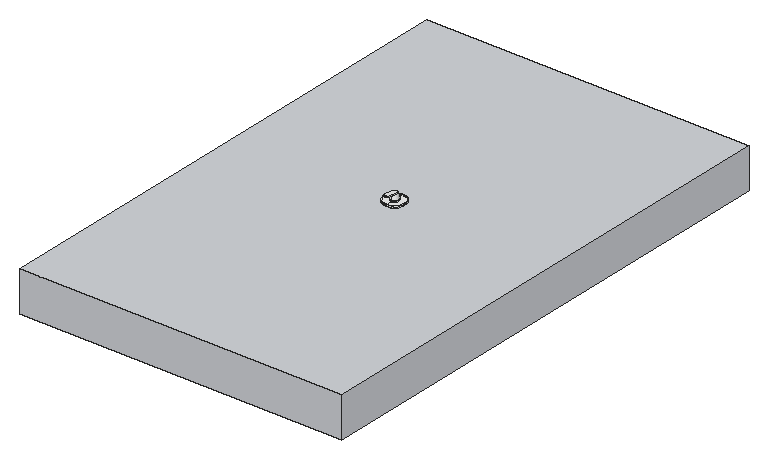
Revit family "Valve_Trim-Pressure_Balance-Grohe-Eurosmart_Cosmopolitan-14463000", category Plumbing Fixtures, host Face, Revit 2019
Family settings
  Host = Face
  Round Connector Dimension = Use Diameter
  Part Type = Normal
  OmniClass Number = 23.45.05.14.17
  OmniClass Title = Showers
  Cut with Voids When Loaded = No
  Shared = Yes
  Room Calculation Point = No
Parameters (values of type "14463000")
  Width = if([Handle Width (2-15/16" to 3-3/4")] < 2 15/16", 2 15/16", if([Handle Width (2-15/16" to 3-3/4")] > 3 3/4", 3 3/4", [Handle Width (2-15/16" to 3-3/4")]))  # 2 15/16"
  Waste Connection = no
  WFU = 4  # constant formula
  Vent Connection = no
  URL = "https://www.grohe.us/"
  Type Comments = ""
  Revised Date = "05/13/2021"
  Product Page URL = "https://www.grohe.us/Bath-Shower-Trim-Kits/Pressure-Balance-Valve-Trim-with-Cartridge/GROHE-CHROME-14463000"
  Product Documentation Link = "https://americanstandard.box.com/shared/static/oi8a940kyu2hvkthy3enjbxxuukts6zt.pdf"
  Price = "Prices may vary. Please consult Manufacturer Representative for most up-to-date price list."  # constant formula
  Model = "14463000"
  Material = "Metal-Grohe-000-Starlight Chrome"
  Manufacturer = "Grohe"
  Length = 6 5/16"
  Installation Type = "Wall Mounted"
  Height = 6 13/16"
  Handle Width (2-15/16" to 3-3/4") = 2 15/16"
  HWFU = 3  # constant formula
  HW Connection = no
  Flow Rate = "5.2 gpm (bottom) and 3.0 gpm (top port) at 45 psi (19 L/min)"  # constant formula
  Finish = Metal-Grohe-000-Starlight Chrome
  Description = "Eurosmart Cosmopolitan Pressure Balance Valve Trim with Cartridge"  # constant formula
  Default Elevation = 44"  # constant formula
  Creation Date = "03/11/2020"  # constant formula
  CWFU = 3  # constant formula
  CW Connection = no
  Assembly Code = "D2010710"
  ADA Compliant = yes
Reference planes (in)
  plane 1 "Center (Front/Back)": y = 0
  plane 2: z = 0
  plane 3 "Center (Left/Right)": x = 0
  plane 4: x = -1.21875
  plane 5: x = 1.21875
  plane 6: x = -3.15625
  plane 7: x = 3.15625
  plane 8: y = 3.15625
  plane 9: y = -3.65625
  plane 10: y = 1.09375
  plane 11: z = 0.375
  plane 12: z = 2.9375
Forms (in)
  Extrusion 1, solid
    sketch origin (0, 0, 0) x (1, 0, 0) y (0, 1, 0)
      loop
        line (-48, 72) -> (-48, -79.70833) -> (48, -79.70833) -> (48, 72) -> (-48, 72)
    from 0 to -12
  Revolve 2, solid, material "Metal-Grohe-000-Starlight Chrome" <- "Finish"
    sketch origin (0, 0, 0.41262) x (0, 1, 0) y (0, 0, 1)
      loop
        line (1.09375, -0.03762) -> (1.09375, 0.25973)
        arc (1.09375, 0.25973) -> (1.064, 0.33155) -> (0.99219, 0.3613) r 0.10156
        line (0.99219, 0.3613) -> (0.99219, 0.44538) -> (1.09375, 0.44538) -> (0.65174, 2.52488) -> (0, 2.52488) -> (0, -0.41262) -> (3.15625, -0.41262) -> (3.15625, -0.10012)
        arc (3.15625, -0.10012) -> (3.13794, -0.05593) -> (3.09375, -0.03762) r 0.0625
        line (3.09375, -0.03762) -> (1.09375, -0.03762)
      axis (0, 2.52488) -> (0, -0.41262)
    angle from 0 to 360
  Extrusion 3, solid, material "Metal-Grohe-000-Starlight Chrome" <- "Finish"
    sketch origin (0, 0, -0.43761) x (1, 0, 0) y (0, 1, 0)
      loop
        line (-0.76608, 0) -> (-0.76608, -2.89017)
        arc (-0.76608, -2.89017) -> (0, -3.65625) -> (0.76608, -2.89017) r 0.76608
        line (0.76608, -2.89017) -> (0.76608, 0)
        arc (0.76608, 0) -> (0, 0.76608) -> (-0.76608, 0) r 0.76608
    from 2.17569 to 3.37511
  Extrusion 4, void
    sketch origin (0, 0.05449, -1.20958) x (0, 1, 0) y (0, 0, 1)
      loop
        line (-3.71074, 4.14708) -> (1.03926, 3.5113) -> (1.03926, 4.89708) -> (-3.71074, 4.89708) -> (-3.71074, 4.14708)
    from -3.15625 to 3.15625
  Extrusion 5, void
    sketch origin (0, -0.19275, -1.15342) x (0, 1, 0) y (0, 0, 1)
      loop
        line (0.19275, 3.43057) -> (-3.4635, 3.94442) -> (-3.4635, 2.89151) -> (0.19275, 2.89151) -> (0.19275, 3.43057)
    from -3.15625 to 3.15625
Cuts and joins
  Extrusion 4 cuts Revolve 2
  Extrusion 4, Extrusion 5 cuts Extrusion 3
  joined: Revolve 2, Extrusion 3
Lines and regions (in)
  Masking region 1
    outline origin (0, 0, 0) x (1, 0, 0) y (0, 0, 1)
      loop
        line (3.15625, 0) -> (3.15625, 0.3125)
        arc (3.15625, 0.3125) -> (3.13794, 0.35669) -> (3.09375, 0.375) r 0.0625
        line (3.09375, 0.375) -> (1.09375, 0.375) -> (1.09375, 0.67236)
        arc (1.09375, 0.67236) -> (1.064, 0.74417) -> (0.99219, 0.77392) r 0.10156
        line (0.99219, 0.77392) -> (0.99219, 0.85801) -> (1.09375, 0.85801) -> (0.76608, 2.39956) -> (0.76572, 2.83496)
        spline (0.76572, 2.83496) -> (0.75962, 2.84829) -> (0.74047, 2.8614) -> (0.70858, 2.87407) -> (0.66451, 2.88607) -> (0.609, 2.89721) -> (0.543, 2.90729) -> (0.46765, 2.91615) -> (0.38424, 2.92362) -> (0.29418, 2.92959) -> (0.19903, 2.93394) -> (0.10041, 2.93661) -> (0, 2.93755)
        spline (0, 2.93755) -> (-0.10041, 2.93661) -> (-0.19903, 2.93394) -> (-0.29418, 2.92959) -> (-0.38424, 2.92362) -> (-0.46765, 2.91615) -> (-0.543, 2.90729) -> (-0.609, 2.89721) -> (-0.66451, 2.88607) -> (-0.70858, 2.87407) -> (-0.74047, 2.8614) -> (-0.75962, 2.84829) -> (-0.76608, 2.83496)
        line (-0.76608, 2.83496) -> (-0.76608, 2.39956) -> (-1.09375, 0.85801) -> (-0.99219, 0.85801) -> (-0.99219, 0.77392)
        arc (-0.99219, 0.77392) -> (-1.064, 0.74417) -> (-1.09375, 0.67236) r 0.10156
        line (-1.09375, 0.67236) -> (-1.09375, 0.375) -> (-3.09375, 0.375)
        arc (-3.09375, 0.375) -> (-3.13794, 0.35669) -> (-3.15625, 0.3125) r 0.0625
        line (-3.15625, 0.3125) -> (-3.15625, 0) -> (3.15625, 0)
  symbolic lines, detail levels medium+fine
    curve 1: line (1.09375, 0, 0.375) -> (-1.09375, 0, 0.375)
    curve 2: line (0.99219, 0, 0.77392) -> (-0.99219, 0, 0.77392)
    curve 3: line (0.99219, 0, 0.85801) -> (-0.99219, 0, 0.85801)
  symbolic lines, detail levels fine
    curve 4: line (0.67463, 0, 2.39956) -> (0.76608, 0, 2.39956)
    curve 5: line (-0.76608, 0, 2.39956) -> (-0.67463, 0, 2.39956)
    curve 6: spline (-0.67463, 0, 2.39956) -> (-0.64076, 0, 2.39148) -> (-0.60143, 0, 2.38386) -> (-0.55697, 0, 2.37674) -> (-0.50776, 0, 2.3702) -> (-0.45422, 0, 2.36429) -> (-0.39681, 0, 2.35906) -> (-0.336, 0, 2.35455) -> (-0.27232, 0, 2.35081) -> (-0.20632, 0, 2.34786) -> (-0.13854, 0, 2.34572) -> (-0.06957, 0, 2.34443) -> (0, 0, 2.34398)
    curve 7: spline (-0.76608, 0, 2.44812) -> (-0.76544, 0, 2.4439) -> (-0.76351, 0, 2.4397) -> (-0.76028, 0, 2.43551) -> (-0.75577, 0, 2.43134) -> (-0.74998, 0, 2.4272) -> (-0.74292, 0, 2.42309) -> (-0.73461, 0, 2.41903) -> (-0.72505, 0, 2.41501) -> (-0.71427, 0, 2.41105) -> (-0.70227, 0, 2.40715) -> (-0.68909, 0, 2.40332) -> (-0.67474, 0, 2.39956)
    curve 8: spline (0, 0, 2.34398) -> (0.06957, 0, 2.34443) -> (0.13854, 0, 2.34572) -> (0.20632, 0, 2.34786) -> (0.27232, 0, 2.35081) -> (0.336, 0, 2.35455) -> (0.39681, 0, 2.35906) -> (0.45422, 0, 2.36429) -> (0.50776, 0, 2.3702) -> (0.55697, 0, 2.37674) -> (0.60143, 0, 2.38386) -> (0.64076, 0, 2.39148) -> (0.67463, 0, 2.39956)
    curve 9: spline (0.67474, 0, 2.39956) -> (0.68909, 0, 2.40332) -> (0.70227, 0, 2.40715) -> (0.71427, 0, 2.41105) -> (0.72505, 0, 2.41501) -> (0.73461, 0, 2.41903) -> (0.74292, 0, 2.42309) -> (0.74998, 0, 2.4272) -> (0.75577, 0, 2.43134) -> (0.76028, 0, 2.43551) -> (0.76351, 0, 2.4397) -> (0.76544, 0, 2.4439) -> (0.76608, 0, 2.44812)
Dimensions and locks (in)
  equal spacing: plane 6, plane 3 "Center (Left/Right)", plane 7
  "Length": plane 6 to plane 7
  locked: plane 8 to plane 1 "Center (Front/Back)" at 3.15625
  "Height": plane 8 to plane 9
  locked: plane 10 to plane 9 at 4.75
  locked: plane 11 to level at 0.375
  "Width": plane 12 to level
  locked: plane 1 "Center (Front/Back)" to Revolve 2 sketch curve at 0.99219
  locked: Extrusion 3 sketch curve to plane 1 "Center (Front/Back)" at 2.89017
  locked: plane 12 to Extrusion 5 sketch curve at 1.19941
  locked: Extrusion 4 sketch curve to plane 12 at 0.75
  plane 12 to Revolve 2 sketch curve to Revolve 2 sketch curve = 2.07949" locked, 0.18565" locked
  curve 6 to curve 9 to plane 12 = 1/256" locked, 0.4894" locked
  aligned and locked: plane 2 to Extrusion 1
  aligned and locked: level to Extrusion 1
  aligned and locked: Revolve 2 sketch curve to level
  aligned and locked: Revolve 2 sketch curve to plane 11
  aligned and locked: plane 1 "Center (Front/Back)" to Revolve 2 sketch curve  (x2)
  aligned and locked: plane 10 to Revolve 2 sketch curve
  aligned and locked: plane 12 to Extrusion 3
  aligned and locked: plane 3 "Center (Left/Right)" to Extrusion 3 sketch curve  (x2)
  aligned and locked: plane 1 "Center (Front/Back)" to Extrusion 3 sketch curve
  aligned and locked: Extrusion 5 sketch curve to plane 9
  aligned and locked: Extrusion 5 sketch curve to plane 1 "Center (Front/Back)"
  aligned and locked: Extrusion 5 to plane 7
  aligned and locked: Extrusion 5 to plane 6
  aligned and locked: plane 9 to Extrusion 4 sketch curve
  aligned and locked: Extrusion 4 sketch curve to plane 10
  aligned and locked: Extrusion 4 to plane 6
  aligned and locked: plane 12 to Revolve 2 sketch curve
  aligned and locked: Extrusion 4 to plane 7
  aligned and locked: Extrusion 3 to Extrusion 5
  aligned and locked: Masking region 1 sketch curve to cut or joined group of Revolve 2, Extrusion 3, Extrusion 4, Extrusion 5  (x6)
  aligned and locked: Masking region 1 sketch curve to plane 7
  aligned and locked: plane 6 to Masking region 1 sketch curve
  aligned and locked: Masking region 1 sketch curve to plane 11
  aligned and locked: cut or joined group of Revolve 2, Extrusion 3, Extrusion 4, Extrusion 5 to Masking region 1 sketch curve
  aligned and locked: curve 1 to Masking region 1
  aligned and locked: Masking region 1 to curve 1
  aligned and locked: curve 2 to Masking region 1
  aligned and locked: curve 2 to cut or joined group of Revolve 2, Extrusion 3, Extrusion 4, Extrusion 5
  aligned and locked: Masking region 1 to curve 3
  aligned and locked: cut or joined group of Revolve 2, Extrusion 3, Extrusion 4, Extrusion 5 to curve 3
  aligned and locked: curve 4 to cut or joined group of Revolve 2, Extrusion 3, Extrusion 4, Extrusion 5
  aligned and locked: curve 5 to cut or joined group of Revolve 2, Extrusion 3, Extrusion 4, Extrusion 5
Automatic sketch dimensions
  Extrusion 1 sketch curve to Extrusion 1 sketch curve = 96"
  Extrusion 1 sketch curve to Extrusion 1 sketch curve = 151.70833"
  plane 4 to Extrusion 3 sketch curve = 0.45267"
  Extrusion 5 sketch curve to Extrusion 5 sketch curve = 69/128"
  Extrusion 5 sketch curve to plane 12 = 0.1465"
  Extrusion 4 sketch curve to plane 12 = 0"
  Extrusion 4 sketch curve to plane 12 = 0.63578"
  Revolve 2 sketch curve to plane 10 = 0"
  Revolve 2 sketch curve to plane 8 = 0"
  Revolve 2 sketch curve to plane 10 = 0.44201"
  Revolve 2 sketch curve to plane 8 = 1/16"
  plane 12 to Revolve 2 sketch curve = 3.47097"
  Revolve 2 sketch curve to Revolve 2 sketch curve = 0.35576"
  Masking region 1 sketch curve to plane 6 = 0"
  Masking region 1 sketch curve to plane 11 = 0"
  plane 6 to Masking region 1 sketch curve = 1/16"
  plane 4 to Masking region 1 sketch curve = 1/8"  (x2)
  Masking region 1 sketch curve to Masking region 1 sketch curve = 13/128"  (x3)
  plane 5 to Masking region 1 sketch curve = 29/128"
  plane 7 to Masking region 1 sketch curve = 1/16"
  Masking region 1 sketch curve to plane 12 = 0.53794"
  Masking region 1 sketch curve to plane 12 = 0.10254"  (x2)
  Masking region 1 sketch curve to Masking region 1 sketch curve = 0.4354"
  Masking region 1 sketch curve to Masking region 1 sketch curve = 0.00036"
  Masking region 1 sketch curve to Masking region 1 sketch curve = 0.00037"  (x2)
  Masking region 1 sketch curve to plane 3 "Center (Left/Right)" = 0.0038"
  plane 3 "Center (Left/Right)" to Masking region 1 sketch curve = 0"
  plane 3 "Center (Left/Right)" to Masking region 1 sketch curve = 0.0038"
  Masking region 1 sketch curve to Masking region 1 sketch curve = 0"  (x3)
  Masking region 1 sketch curve to Masking region 1 sketch curve = 0.0005"
  plane 4 to curve 3 = 29/128"
  curve 3 to curve 2 = 0"
  plane 4 to curve 1 = 1/8"
  plane 5 to curve 4 = 0.54412"
  curve 4 to curve 4 = 0.09146"
  plane 4 to curve 5 = 0.45267"
  curve 5 to curve 5 = 0.09146"
  curve 5 to curve 6 = 0.01239"
  curve 6 to plane 3 "Center (Left/Right)" = 0"
  plane 3 "Center (Left/Right)" to curve 6 = 0.00167"
  curve 7 to curve 6 = 0.01239"
  curve 7 to curve 7 = 0"
  curve 7 to curve 5 = 0.00011"
  curve 8 to plane 3 "Center (Left/Right)" = 0.00167"
  curve 6 to curve 7 = 0.01065"
  curve 8 to curve 4 = 0.01239"
  curve 6 to curve 7 = 1/256"
  curve 9 to curve 8 = 0.01065"
  curve 4 to curve 9 = 0.00011"
  curve 8 to curve 9 = 0.01239"
  curve 9 to curve 9 = 0"
  curve 9 to curve 4 = 0"
